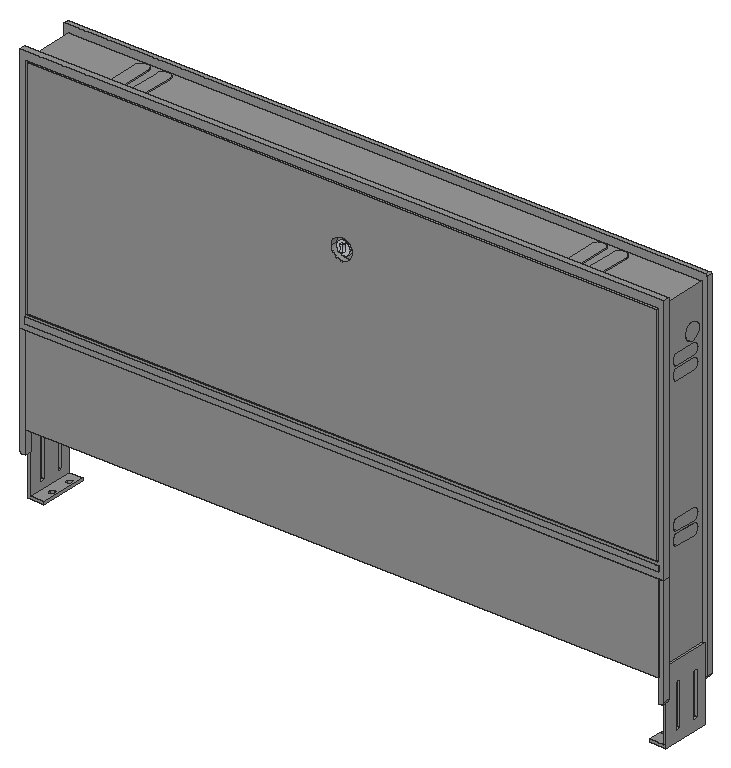
Revit family "PA_Viega-Fonterra-Concealed-manifold-cabinet-1195x750_PC692216", category Pipe Accessories, Revit 2016
Family settings
  Part Type = Normal
  Round Connector Dimension = Use Diameter
  Work Plane-Based = No
  Always vertical = Yes
  Cut with Voids When Loaded = No
  Shared = No
Parameters (values of type "PA_692216-Viega Fonterra Concealed manifold cabinet")
  URL for TCP = "http://www.tcpbim.co.za"
  URL = "http://www.viega.com/catalog/en_COM/R1_Fonterra_radiant_heating_and_cooling/Manifolds_regulators/Manifold_cabinets/Fonterra_Concealed_manifold_cabinet_2/20363.html"
  Type Comments = "692 216"
  Model = "1294.3"
  Manufacturer = "Viega"
  Made by = "Tolani Civil Projects cc"
  Description = "Fonterra Concealed manifold cabinet"
Reference planes
  plane 1 "Center (Front/Back)": y = 0
  plane 2: z = 0
  plane 3 "Center (Left/Right)": x = 0
  plane 4: x = 587.5
  plane 5: x = -587.5
  plane 6: z = 750
  plane 7: z = 120
  plane 8: x = -597.5
  plane 9: x = 597.5
  plane 10: y = 55
  plane 11: y = -55
  plane 12: z = 285.73
  plane 13: z = 735.73
Forms (mm)
  Extrusion 1, solid, material "Zinc"
    sketch origin (0, 0, 0) x (1, 0, 0) y (0, 0, 1)
      loop
        line (-597.5, 750) -> (-597.5, 285.73) -> (597.5, 285.73) -> (597.5, 750) -> (-597.5, 750)
    from 43.644 to 55
  Extrusion 2, void
    sketch origin (0, 0, 20) x (1, 0, 0) y (0, 0, 1)
      loop
        line (-587.5, 715) -> (-587.5, 291.412) -> (587.5, 291.412) -> (587.5, 715) -> (-587.5, 715)
      loop
        line (-583.812, 711.057) -> (-583.812, 294.405) -> (584.234, 294.405) -> (584.234, 711.057) -> (-583.812, 711.057)
    from 46.424 to 57.257
  Extrusion 3, void
    sketch origin (0, 0, -45) x (1, 0, 0) y (0, 0, 1)
      loop
        circle (0, 671.736) r 20
    from 36.009 to 57.923
  Extrusion 4, solid
    sketch origin (0, 0, -44.375) x (1, 0, 0) y (0, 0, 1)
      loop
        circle (-0.23, 670.988) r 12.481
    from 36.009 to 50.983
  Extrusion 5, solid
    sketch origin (0, 0, -44.375) x (1, 0, 0) y (0, 0, 1)
      loop
        arc (-3.348, 679.136) -> (-1.458, 672.649) -> (-3.348, 666.162) r 12.079
        line (-3.348, 666.162) -> (2.966, 666.162)
        arc (2.966, 666.162) -> (1.411, 672.649) -> (2.966, 679.136) r 14.31
        line (2.966, 679.136) -> (-3.348, 679.136)
    from 46.424 to 56.294
  Extrusion 6, solid, material "Zinc"
    sketch origin (-1.25, 0, 0) x (1, 0, 0) y (0, 0, 1)
      loop
        line (-586.25, 285.73) -> (-586.25, 120) -> (588.75, 120) -> (588.75, 285.73) -> (-586.25, 285.73)
    from -55 to 55
  Extrusion 7, solid, material "Zinc"
    sketch origin (0, 0, 0) x (0, 1, 0) y (0, 0, 1)
      loop
        line (55, 735.73) -> (-43.644, 735.73) -> (-43.644, 285.73) -> (55, 285.73) -> (55, 735.73)
    from -587.5 to 587.5
  Extrusion 8, solid, material "Zinc"
    sketch origin (-1.25, 0, 0) x (1, 0, 0) y (0, 0, 1)
      loop
        line (598.75, 735.73) -> (598.75, 747.292)
        arc (598.75, 747.292) -> (597.586, 749.102) -> (595.631, 750) r 3.834
        line (595.631, 750) -> (-593.053, 750)
        arc (-593.053, 750) -> (-595.128, 748.994) -> (-596.25, 746.979) r 3.834
        line (-596.25, 746.979) -> (-596.25, 735.73) -> (598.75, 735.73)
    from -55 to -45.793
  Extrusion 9, solid, material "Zinc"
    sketch origin (342.5, 0, 0) x (1, 0, 0) y (0, 0, 1)
      loop
        line (245, 78.01) -> (251.499, 78.01)
        arc (251.499, 78.01) -> (253.644, 80.233) -> (255, 83.01) r 9.909
        line (255, 83.01) -> (255, 735.73) -> (245, 735.73) -> (245, 78.01)
    from -55 to -45.793
  Extrusion 10, solid, material "Zinc"
    sketch origin (-337.5, 0, 0) x (-1, 0, 0) y (0, 0, -1)
      loop
        line (250, -78.01) -> (250, -735.73) -> (260, -735.73) -> (260, -83.426)
        arc (260, -83.426) -> (258.912, -80.444) -> (256.873, -78.01) r 9.185
        line (256.873, -78.01) -> (250, -78.01)
    from -55 to -45.793
  Extrusion 11, solid, material "Zinc"
    sketch origin (0, 0, 0) x (1, 0, 0) y (0, 0, 1)
      loop
        line (-597.5, 285.73) -> (-597.5, 120) -> (597.5, 120) -> (597.5, 285.73) -> (-597.5, 285.73)
    from 43.644 to 55
  Extrusion 12, solid, material "Zinc"
    sketch origin (0, 0, 21.77) x (1, 0, 0) y (0, 0, 1)
      loop
        line (-587.5, 285.73) -> (-587.5, 274.613) -> (587.5, 274.613) -> (587.5, 285.73) -> (-587.5, 285.73)
    from 43.644 to 55.648
  Extrusion 13, solid, material "Zinc"
    sketch origin (-10, 0, 0) x (1, 0, 0) y (0, 0, 1)
      loop
        line (-582.068, 140.448) -> (-582.068, 0) -> (-577.5, 0) -> (-552.007, 0) -> (-552.007, 4.953) -> (-577.5, 4.953) -> (-577.5, 140.448) -> (-582.068, 140.448)
      loop
        line (602.068, 136.053) -> (597.5, 136.053) -> (597.5, 4.953) -> (572.256, 4.953) -> (572.256, 0) -> (597.5, 0) -> (602.068, 0) -> (602.068, 136.053)
    from -45.793 to 43.644
  Extrusion 14, void
    sketch origin (0, 0, 0.617) x (0, 1, 0) y (0, 0, 1)
      loop
        line (29.155, 19.154) -> (29.155, 99.154)
        arc (29.155, 99.154) -> (24.155, 100.804) -> (19.155, 99.154) r 8.4
        line (19.155, 99.154) -> (19.155, 19.154)
        arc (19.155, 19.154) -> (24.155, 17.496) -> (29.155, 19.154) r 8.369
      loop
        line (-10.845, 19.154) -> (-10.845, 99.154)
        arc (-10.845, 99.154) -> (-15.845, 100.804) -> (-20.845, 99.154) r 8.4
        line (-20.845, 99.154) -> (-20.845, 19.154)
        arc (-20.845, 19.154) -> (-15.845, 17.496) -> (-10.845, 19.154) r 8.369
    from 584.514 to 593.437
  Extrusion 15, void
    sketch origin (-204.375, 0, 0) x (0, 1, 0) y (0, 0, -1)
      loop
        arc (29.155, -19.154) -> (24.155, -17.496) -> (19.155, -19.154) r 8.369
        line (19.155, -19.154) -> (19.155, -99.154)
        arc (19.155, -99.154) -> (24.155, -100.804) -> (29.155, -99.154) r 8.4
        line (29.155, -99.154) -> (29.155, -19.154)
      loop
        arc (-10.845, -19.154) -> (-15.845, -17.496) -> (-20.845, -19.154) r 8.369
        line (-20.845, -19.154) -> (-20.845, -99.154)
        arc (-20.845, -99.154) -> (-15.845, -100.804) -> (-10.845, -99.154) r 8.4
        line (-10.845, -99.154) -> (-10.845, -19.154)
    from 379.557 to 390.113
  Extrusion 16, void
    sketch origin (-24.648, 0, 0) x (1, 0, 0) y (0, 1, 0)
      loop
        circle (-544.459, 24.375) r 5
      loop
        circle (-544.459, -15.425) r 5
      loop
        circle (593.209, 24.375) r 5
      loop
        circle (593.209, -15.425) r 5
    from -3.721 to 10.459
  Extrusion 17, solid, material "Zinc"
    sketch origin (0, 7.5, 0) x (0, 1, 0) y (0, 0, 1)
      loop
        line (16.588, 343.301) -> (-24.686, 343.301)
        arc (-24.686, 343.301) -> (-30.063, 333.301) -> (-24.686, 323.301) r 11.987
        line (-24.686, 323.301) -> (16.588, 323.301)
        arc (16.588, 323.301) -> (24.743, 333.301) -> (16.588, 343.301) r 10.209
      loop
        line (16.588, 368.301) -> (-24.686, 368.301)
        arc (-24.686, 368.301) -> (-30.063, 358.301) -> (-24.686, 348.301) r 11.987
        line (-24.686, 348.301) -> (16.588, 348.301)
        arc (16.588, 348.301) -> (24.743, 358.301) -> (16.588, 368.301) r 10.209
    from 576.929 to 589.424
  Extrusion 18, solid, material "Zinc"
    sketch origin (0, 7.5, 275) x (0, 1, 0) y (0, 0, 1)
      loop
        line (16.588, 343.301) -> (-24.686, 343.301)
        arc (-24.686, 343.301) -> (-30.063, 333.301) -> (-24.686, 323.301) r 11.987
        line (-24.686, 323.301) -> (16.588, 323.301)
        arc (16.588, 323.301) -> (24.743, 333.301) -> (16.588, 343.301) r 10.209
      loop
        line (16.588, 368.301) -> (-24.686, 368.301)
        arc (-24.686, 368.301) -> (-30.063, 358.301) -> (-24.686, 348.301) r 11.987
        line (-24.686, 348.301) -> (16.588, 348.301)
        arc (16.588, 348.301) -> (24.743, 358.301) -> (16.588, 368.301) r 10.209
    from 576.929 to 589.424
  Extrusion 19, solid, material "Zinc"
    sketch origin (-1.25, 0, 0) x (1, 0, 0) y (0, 1, 0)
      loop
        arc (-450.98, -25.317) -> (-438.48, -34.874) -> (-425.98, -25.317) r 12.953
        line (-425.98, -25.317) -> (-425.98, 29.683)
        arc (-425.98, 29.683) -> (-438.48, 42.183) -> (-450.98, 29.683) r 12.5
        line (-450.98, 29.683) -> (-450.98, -25.317)
      loop
        arc (-410.98, -25.317) -> (-398.48, -34.874) -> (-385.98, -25.317) r 12.953
        line (-385.98, -25.317) -> (-385.98, 29.683)
        arc (-385.98, 29.683) -> (-398.48, 42.183) -> (-410.98, 29.683) r 12.5
        line (-410.98, 29.683) -> (-410.98, -25.317)
      loop
        line (460.98, -25.317) -> (460.98, 29.683)
        arc (460.98, 29.683) -> (448.48, 42.183) -> (435.98, 29.683) r 12.5
        line (435.98, 29.683) -> (435.98, -25.317)
        arc (435.98, -25.317) -> (448.48, -34.874) -> (460.98, -25.317) r 12.953
      loop
        line (420.98, -25.317) -> (420.98, 29.683)
        arc (420.98, 29.683) -> (408.48, 42.183) -> (395.98, 29.683) r 12.5
        line (395.98, 29.683) -> (395.98, -25.317)
        arc (395.98, -25.317) -> (408.48, -34.874) -> (420.98, -25.317) r 12.953
    from 731.057 to 736.941
  Extrusion 20, solid, material "Zinc"
    sketch origin (-1.25, 7.5, 0) x (0, 1, 0) y (0, 0, -1)
      loop
        arc (16.588, -343.301) -> (24.743, -333.301) -> (16.588, -323.301) r 10.209
        line (16.588, -323.301) -> (-24.686, -323.301)
        arc (-24.686, -323.301) -> (-30.063, -333.301) -> (-24.686, -343.301) r 11.987
        line (-24.686, -343.301) -> (16.588, -343.301)
      loop
        arc (16.588, -368.301) -> (24.743, -358.301) -> (16.588, -348.301) r 10.209
        line (16.588, -348.301) -> (-24.686, -348.301)
        arc (-24.686, -348.301) -> (-30.063, -358.301) -> (-24.686, -368.301) r 11.987
        line (-24.686, -368.301) -> (16.588, -368.301)
    from 582.682 to 588.209
  Extrusion 21, solid, material "Zinc"
    sketch origin (-1.25, 7.5, 275) x (0, 1, 0) y (0, 0, -1)
      loop
        arc (16.588, -343.301) -> (24.743, -333.301) -> (16.588, -323.301) r 10.209
        line (16.588, -323.301) -> (-24.686, -323.301)
        arc (-24.686, -323.301) -> (-30.063, -333.301) -> (-24.686, -343.301) r 11.987
        line (-24.686, -343.301) -> (16.588, -343.301)
      loop
        arc (16.588, -368.301) -> (24.743, -358.301) -> (16.588, -348.301) r 10.209
        line (16.588, -348.301) -> (-24.686, -348.301)
        arc (-24.686, -348.301) -> (-30.063, -358.301) -> (-24.686, -368.301) r 11.987
        line (-24.686, -368.301) -> (16.588, -368.301)
    from 584.174 to 588.209
  Extrusion 22, solid, material "Zinc"
    sketch origin (0, 0, 0) x (0, 1, 0) y (0, 0, 1)
      loop
        circle (20.825, 663.875) r 15
    from -589.459 to 589.424
  Extrusion 23, solid, material "Zinc"
    sketch origin (342.5, 0, 0) x (1, 0, 0) y (0, 0, 1)
      loop
        line (245, 120) -> (245, 77.951) -> (251.421, 77.951)
        arc (251.421, 77.951) -> (253.616, 80.194) -> (255, 83.01) r 9.909
        line (255, 83.01) -> (255, 120) -> (245, 120)
    from 43.644 to 55
  Extrusion 24, solid, material "Zinc"
    sketch origin (-342.5, 0, 0) x (1, 0, 0) y (0, 0, 1)
      loop
        line (-255, 120) -> (-255, 83.426)
        arc (-255, 83.426) -> (-253.912, 80.444) -> (-251.873, 78.01) r 9.185
        line (-251.873, 78.01) -> (-245, 78.01) -> (-245, 120) -> (-255, 120)
    from 43.644 to 55
Cuts and joins
  Extrusion 14, Extrusion 15, Extrusion 16 cuts Extrusion 13
  joined: Extrusion 6, Extrusion 7, Extrusion 8, Extrusion 9, Extrusion 10, Extrusion 13, Extrusion 17, Extrusion 18, Extrusion 19, Extrusion 20, Extrusion 21, Extrusion 22
  joined: Extrusion 11, Extrusion 23, Extrusion 24
  Extrusion 2, Extrusion 3 cuts Extrusion 1
  joined: Extrusion 4, Extrusion 5
Dimensions and locks
  locked: plane 6 to level at 750
  locked: plane 6 to plane 7 at 630
  locked: plane 10 to plane 11 at 110
  locked: plane 13 to plane 12 at 450
  plane 7 to Extrusion 6 = 165.73 mm
  locked: plane 9 to plane 8 at 1195
  locked: plane 4 to plane 5 at 1175
  aligned and locked: level to plane 2
  aligned and locked: plane 12 to Extrusion 1 sketch curve
  aligned and locked: plane 11 to Extrusion 6
  aligned and locked: Extrusion 10 to Extrusion 8
  aligned and locked: Extrusion 13 to Extrusion 9
  aligned and locked: Extrusion 13 to Extrusion 12
  aligned and locked: Extrusion 21 to Extrusion 20
  aligned and locked: Extrusion 1 to plane 8
  aligned and locked: plane 9 to Extrusion 1
  aligned and locked: Extrusion 7 to plane 5
  aligned and locked: plane 4 to Extrusion 7
  aligned and locked: Extrusion 8 sketch curve to plane 8
